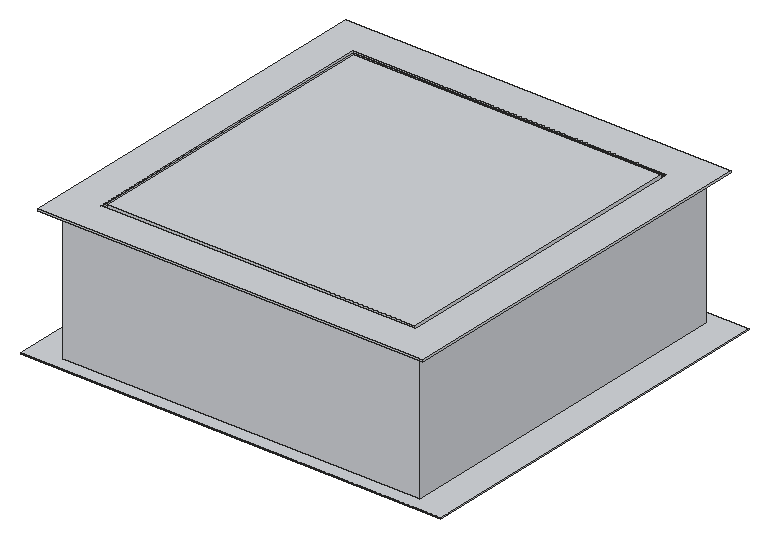
Revit family "Estrichüberdecktes Kanalsystem EÜK_UZD350-3_für_Estrichhöhe_165-220 mm", category Generic Models, Revit 2015
Parameters (values of type "UZD 1652200 350-3")
  URL = "http://www.obo-bettermann.com"
  Size "b" = 383 mm
  Size "a" = 362 mm
  Material = Steel, Galvanized
  Manufacturer Art. No. = "7410056"
  Manufacturer = "OBO Bettermann"
  HeightCalc = if(Height < 165 mm, 165 mm, (if(Height > 220 mm, 220 mm, Height)))  # 165 mm
  Height = 165 mm
  GTIN = "4012195431695"
  Cover Width = 373 mm
  Article Type = "UZD 165220 350-3"
  "B" Dimension = 510 mm
  "A" Dimension = 467 mm
Reference planes
  plane 1 "Center (Front/Back)": y = 0
  plane 2: z = 0
  plane 3 "Center (Left/Right)": x = 0
  plane 4: z = 1
  plane 5: x = -255
  plane 6: y = -233.5
  plane 7: x = 255
  plane 8: y = 233.5
  plane 9: y = -217
  plane 10: x = 217
  plane 11: y = 217
  plane 12: x = -217
  plane 13: z = 163
  plane 14: z = 165
  plane 15: x = -233.5
  plane 16: x = 233.5
  plane 17: y = 191.5
  plane 18: x = 191.5
  plane 19: x = -191.5
  plane 20: y = -191.5
  plane 21: z = 161
  plane 22: y = 181
  plane 23: y = -181
  plane 24: x = 181
  plane 25: x = -181
  plane 26: y = -186.5
  plane 27: x = 186.5
  plane 28: y = 186.5
  plane 29: x = -186.5
Forms (mm)
  Extrusion 1, solid
    sketch origin (0, 0, 0) x (1, 0, 0) y (0, 1, 0)
      loop
        line (255, 233.5) -> (-255, 233.5) -> (-255, -233.5) -> (255, -233.5) -> (255, 233.5)
    from 0 to 1
  Extrusion 2, solid
    sketch origin (0, 0, 0) x (1, 0, 0) y (0, 1, 0)
      loop
        line (-217, 217) -> (-217, -217) -> (217, -217) -> (217, 217) -> (-217, 217)
    from 1 to 163
  Extrusion 3, solid
    sketch origin (0, 0, 0) x (1, 0, 0) y (0, 1, 0)
      loop
        line (-233.5, 233.5) -> (-233.5, -233.5) -> (233.5, -233.5) -> (233.5, 233.5) -> (-233.5, 233.5)
    from 163 to 165
  Extrusion 4, void
    sketch origin (0, 0, 0) x (1, 0, 0) y (0, 1, 0)
      loop
        line (-191.5, 191.5) -> (-191.5, -191.5) -> (191.5, -191.5) -> (191.5, 191.5) -> (-191.5, 191.5)
    from 161 to 165
  Extrusion 5, void
    sketch origin (0, 0, 0) x (1, 0, 0) y (0, 1, 0)
      loop
        line (-181, 181) -> (-181, -181) -> (181, -181) -> (181, 181) -> (-181, 181)
    from 1 to 161
  Extrusion 6, solid
    sketch origin (0, 0, 0) x (1, 0, 0) y (0, 1, 0)
      loop
        line (-186.5, 186.5) -> (-186.5, -186.5) -> (186.5, -186.5) -> (186.5, 186.5) -> (-186.5, 186.5)
    from 161 to 165
Cuts and joins
  Extrusion 4, Extrusion 5 cuts Extrusion 1
  Extrusion 4, Extrusion 5 cuts Extrusion 2
  Extrusion 4 cuts Extrusion 3
Lines and regions (mm)
  model lines
    curve 1: line (255, 233.5, 0) -> (-255, 233.5, 0)
    curve 2: line (255, 233.5, 0) -> (255, -233.5, 0)
    curve 3: line (255, -233.5, 0) -> (-255, -233.5, 0)
    curve 4: line (-255, -233.5, 0) -> (-255, 233.5, 0)
    curve 5: line (-217, 217, 0) -> (217, 217, 0)
    curve 6: line (217, 217, 0) -> (217, -217, 0)
    curve 7: line (217, -217, 0) -> (-217, -217, 0)
    curve 8: line (-217, -217, 0) -> (-217, 217, 0)
    curve 9: line (-233.5, 233.5, 0) -> (-233.5, -233.5, 0)
    curve 10: line (233.5, -233.5, 0) -> (233.5, 233.5, 0)
    curve 11: line (-191.5, 191.5, 0) -> (191.5, 191.5, 0)
    curve 12: line (191.5, 191.5, 0) -> (191.5, -191.5, 0)
    curve 13: line (191.5, -191.5, 0) -> (-191.5, -191.5, 0)
    curve 14: line (-191.5, -191.5, 0) -> (-191.5, 191.5, 0)
    curve 15: line (-181, 181, 0) -> (181, 181, 0)
    curve 16: line (181, 181, 0) -> (181, -181, 0)
    curve 17: line (181, -181, 0) -> (-181, -181, 0)
    curve 18: line (-181, -181, 0) -> (-181, 181, 0)
    curve 19: line (-186.5, 186.5, 0) -> (186.5, 186.5, 0)
    curve 20: line (186.5, 186.5, 0) -> (186.5, -186.5, 0)
    curve 21: line (186.5, -186.5, 0) -> (-186.5, -186.5, 0)
    curve 22: line (-186.5, -186.5, 0) -> (-186.5, 186.5, 0)
Dimensions and locks
  locked: level to plane 4 at 1
  equal spacing: plane 6, plane 1 "Center (Front/Back)", plane 8
  ""A" Dimension": plane 6 to plane 8
  equal spacing: plane 5, plane 3 "Center (Left/Right)", plane 7
  ""B" Dimension": plane 5 to plane 7
  locked: plane 13 to plane 14 at 2
  equal spacing: plane 19, plane 3 "Center (Left/Right)", plane 18
  "Size "b"": plane 19 to plane 18
  equal spacing: plane 17, plane 1 "Center (Front/Back)", plane 20
  "Size "b"": plane 17 to plane 20
  "HeightCalc": level to plane 14
  locked: plane 21 to plane 14 at 4
  equal spacing: plane 25, plane 3 "Center (Left/Right)", plane 24
  "Size "a"": plane 25 to plane 24
  equal spacing: plane 22, plane 1 "Center (Front/Back)", plane 23
  "Size "a"": plane 22 to plane 23
  equal spacing: plane 29, plane 3 "Center (Left/Right)", plane 27
  "Cover Width": plane 29 to plane 27
  equal spacing: plane 28, plane 1 "Center (Front/Back)", plane 26
  "Cover Width": plane 28 to plane 26
  locked: plane 11 to plane 8 at 16.5
  locked: plane 9 to plane 6 at 16.5
  locked: plane 10 to plane 7 at 38
  locked: plane 5 to plane 12 at 38
  locked: plane 5 to plane 15 at 21.5
  locked: plane 16 to plane 7 at 21.5
  aligned and locked: level to plane 2
  aligned and locked: plane 7 to curve 2
  aligned and locked: plane 5 to curve 4
  aligned and locked: Extrusion 1 sketch curve to curve 1
  aligned and locked: Extrusion 1 sketch curve to curve 2
  aligned and locked: Extrusion 1 sketch curve to curve 3
  aligned and locked: Extrusion 1 sketch curve to curve 4
  aligned and locked: plane 4 to Extrusion 1
  aligned and locked: plane 11 to curve 5
  aligned and locked: curve 6 to plane 10
  aligned and locked: plane 9 to curve 7
  aligned and locked: curve 8 to plane 12
  aligned and locked: Extrusion 2 sketch curve to curve 5
  aligned and locked: Extrusion 2 sketch curve to curve 6
  aligned and locked: Extrusion 2 sketch curve to curve 7
  aligned and locked: Extrusion 2 sketch curve to curve 8
  aligned and locked: plane 13 to Extrusion 2
  aligned and locked: Extrusion 2 to plane 4
  aligned and locked: curve 9 to plane 15
  aligned and locked: plane 16 to curve 10
  aligned and locked: Extrusion 3 sketch curve to curve 9
  aligned and locked: Extrusion 3 sketch curve to curve 10
  aligned and locked: plane 6 to Extrusion 3 sketch curve
  aligned and locked: Extrusion 3 sketch curve to plane 8
  aligned and locked: Extrusion 3 to plane 13
  aligned and locked: plane 14 to Extrusion 3
  aligned and locked: curve 11 to plane 17
  aligned and locked: curve 12 to plane 18
  aligned and locked: plane 20 to curve 13
  aligned and locked: curve 14 to plane 19
  aligned and locked: Extrusion 1 to level
  aligned and locked: Extrusion 4 sketch curve to curve 11
  aligned and locked: Extrusion 4 sketch curve to curve 12
  aligned and locked: Extrusion 4 sketch curve to curve 13
  aligned and locked: Extrusion 4 sketch curve to curve 14
  aligned and locked: plane 14 to Extrusion 4
  aligned and locked: Extrusion 4 to plane 21
  aligned and locked: curve 15 to plane 22
  aligned and locked: curve 16 to plane 24
  aligned and locked: plane 23 to curve 17
  aligned and locked: curve 18 to plane 25
  aligned and locked: Extrusion 5 sketch curve to curve 15
  aligned and locked: Extrusion 5 sketch curve to curve 18
  aligned and locked: Extrusion 5 sketch curve to curve 17
  aligned and locked: Extrusion 5 sketch curve to curve 16
  aligned and locked: plane 21 to Extrusion 5
  aligned and locked: Extrusion 5 to plane 4
  aligned and locked: curve 19 to plane 28
  aligned and locked: curve 20 to plane 27
  aligned and locked: curve 21 to plane 26
  aligned and locked: curve 22 to plane 29
  aligned and locked: Extrusion 6 sketch curve to curve 19
  aligned and locked: Extrusion 6 sketch curve to curve 22
  aligned and locked: Extrusion 6 sketch curve to curve 21
  aligned and locked: Extrusion 6 sketch curve to curve 20
  aligned and locked: Extrusion 6 to plane 21
  aligned and locked: plane 14 to Extrusion 6
Automatic sketch dimensions
  curve 10 to plane 6 = 0 mm
  plane 8 to curve 9 = 0 mm
